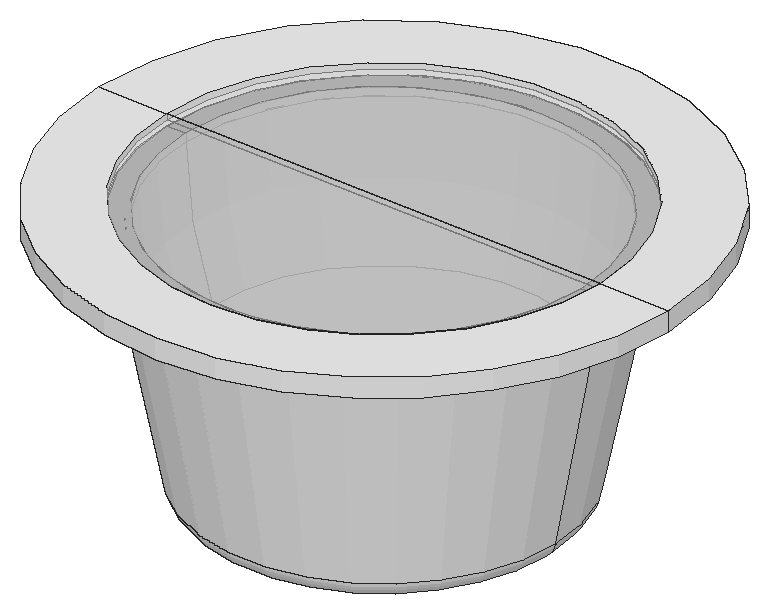
Revit family "2060562+2028034 Sylvania Lighting Fixture ASCENT 100 II ARCH 2700 3K DALI 160 with IP44 Clear Glass", category Lighting Fixtures, host Face, Revit 2016
Family settings
  Host = Face
  Part Type = Normal
  Round Connector Dimension = Use Diameter
  OmniClass Number = 23.80.70.11.17
  OmniClass Title = Specialized Lighting by Location or Use
  Cut with Voids When Loaded = No
  Light Source = Yes
  Shared = No
  Room Calculation Point = No
Parameters (values of type "2060562+2028034 ASCT100 II ARCH 2700 3K DALI 160 with IP44 Clear Glass")
  WidthBezelAcc_SYL = 25.0 mm
  Weight = "1.2 kg"
  Wattage = 21 W
  WarrantyStartDate [instance] = "n/a"
  WarrantyGuarantorParts = "n/a"
  WarrantyDurationUnit = "n/a"
  WarrantyDurationParts = "n/a"
  WarrantyDescription = "n/a"
  built-in parameter 1150110 = 1 (stored number, unit not read)
  Voltage = 0 V
  VisibilityAccessory_SYL = yes
  TypeName = "ASCENT 100 II ARCH 2700 3K DALI 160"
  built-in parameter 1114217 = 1 (stored number, unit not read)
  Tilt Angle = -90°
  built-in parameter 1150109 = 1 (stored number, unit not read)
  built-in parameter 1150134 = (empty or 0)
  built-in parameter 1150113 = 1 (stored number, unit not read)
  SerialNumber [instance] = "n/a"
  ReflectorRadius_SYL = Radius_SYL - 14.5 mm  # 80.0 mm
  RadiusAcc_SYL = 105.0 mm
  Radius_SYL = 94.5 mm
  URL = "http://www.sylvania-lighting.com"
  PowerFactor = 0
  PowerConsumption = "21 W"
  Photometric Web File = "2060562.ies"
  NominalWidth = 0.0 mm
  NominalLength = 0.0 mm
  NominalHeight = 94.0 mm
  Name = "ASCENT 100 II ARCH 2700 3K DALI 160"
  ModelReference = "ASCENT 100 II ARCH 2700 3K DALI 160"
  ModelNumber = "2060562+2028034"
  Material_4_SYL = none
  Material_3_SYL = Polycarbonate_Sylvania_Ascent_Clear
  Material_2_SYL = Aluminium_Sylvania_Ascent_Silver
  Material_1_SYL = Aluminum_Sylvania_Ascent_White
  Material = "aluminium housing, arcylic diffuser"
  ManufacturerName = "Feilo Sylvania"
  LuminousEfficacy = "126 lm/W"
  built-in parameter 1150105 = 210.56 (stored number, unit not read)
  Lumens = 2646 lm
  LuminaireType = ""
  built-in parameter 1150115 = 1 (stored number, unit not read)
  LightOutputRatio = "100"
  built-in parameter 1150137 = (empty or 0)
  built-in parameter 1150139 = (empty or 0)
  LampsType = Lamp  # "LED"
  LampNominalLuminous = "2649 lm"
  LampMacAdamStep = "3"
  LampColourTemperature = "3000 K"
  LampColourRenderingIndex = "80"
  built-in parameter 1150112 = 1 (stored number, unit not read)
  built-in parameter 1150114 = 1 (stored number, unit not read)
  Keynote = "16500"
  InstallationDate [instance] = "n/a"
  InputVoltage = "n/a"
  InputNominalFrequency = "n/a"
  built-in parameter 1150132 = (empty or 0)
  built-in parameter 1150102 = (empty or 0)
  built-in parameter 1150107 = 3000 (stored number, unit not read)
  built-in parameter 1150138 = (empty or 0)
  IngressProtection = "IP44"
  ImpactProtectionIndex = "IK02"
  built-in parameter 1150106 = 2.1056 (stored number, unit not read)
  IfcExportType = "IfcLightFixtureType"
  IfcExportAs = "IfcLightFixtureType"
  Height_SYL = 94.0 mm
  HeightAcc_SYL = 7.0 mm
  ExpectedLife = 50000
  EmittionSurface_SYL = if(VisibilityAccessory_SYL, 7.0 mm, 3.0 mm)  # 7.0 mm
  Emit from Circle Diameter = DiffuserRadius_SYL * 2  # 146.0 mm
  Emit Shape Visible in Rendering = no
  ElectricShockClassification = "Class II"
  built-in parameter 1150104 = 11.706 (stored number, unit not read)
  DurationUnit = "hours"
  DocumentationLiterature = "http://www.sylvania-lighting.com/product/en-int/products/2060562"
  DimmingControlOptions = "n/a"
  Dimming Lamp Color Temperature Shift = <None>
  DiffuserRadius_SYL = ReflectorRadius_SYL - 7.0 mm  # 73.0 mm
  Diameter_SYL = 2 * Radius_SYL  # 189.0 mm
  CutoutDiameter_SYL = Diameter_SYL - 13.0 mm  # 176.0 mm
  CreatedOn = "9/17/2018"
  CreatedBy = "@sylvania-lighting.com"
  Color Filter = 16777215
  built-in parameter 1114216 [instance] = 1 (stored number, unit not read)
  Model = "ASCENT 100 II ARCH 2700 3K DALI 160"
  Manufacturer = "Feilo Sylvania"
  Lamp = "LED"
  Description = "Direct LED retro fit for original LED 100 Arch (160) single CFL lamp offering Matching lumen levels and improved light distribution of original LED 100 CFL lamp equivalents Typically half the power consumption compared to CFL Up to 112lm/W 160mm aperture Architectural reflector accepts range of glass accessories from existing LED 100 Arch 160 offering HE, HO and VHO versions equivalent of single 1 x 18W, 1 x 32W, 1 x 42W\r\n Additional VVHO versions which offer the performance circa 2 x 32W equivalent"  # constant formula
  Default Elevation = 0.0 mm
  built-in parameter 1140040 [instance] = 1
  BarCode [instance] = "n/a"
  built-in parameter 1114218 = 1 (stored number, unit not read)
  built-in parameter 1150133 = 10 (stored number, unit not read)
  AssetType = "Fixed"
  AssetIdentifier [instance] = "n/a"
  Assembly Code = "D5020200"
  Apparent Load = 21 VA
  Aperture_SYL = 2 * ReflectorRadius_SYL  # 160.0 mm
Reference planes
  plane 1 "Center (Front/Back)": y = 0
  plane 2: z = 0
  plane 3 "Center (Left/Right)": x = 0
  plane 4 "Fixture Bottom": z = 3
  plane 5: z = -52.5
  plane 6 "Fixture Top": z = -91
  plane 7: x = -105
  plane 8: z = 7
  plane 9: x = -80
  plane 10: z = 5
  plane 11: x = -103
Forms (mm)
  Extrusion 1, solid, material "Aluminum_Sylvania_Ascent_White", detail levels fine
    sketch origin (0, 0, 0) x (1, 0, 0) y (0, 1, 0)
      loop
        circle (0, 0) r 94.5
      loop
        circle (0, 0) r 80
    from 0 to 3
  Extrusion 2, void
    sketch origin (0, 0, 0) x (1, 0, 0) y (0, 1, 0)
      loop
        circle (0, 0) r 88
    from -91 to 3
  Revolve 3, solid, material "Aluminum_Sylvania_Ascent_White" <- "Material_1_SYL", detail levels fine
    sketch origin (0, 0, 0) x (1, 0, 0) y (0, 0, 1)
      loop
        line (0, -91.073) -> (0, -89.023) -> (-55.468, -89.014)
        arc (-55.468, -89.014) -> (-59.352, -87.613) -> (-61.54, -84.139) r 6.307
        line (-61.54, -84.139) -> (-77.991, -2.844) -> (-77.991, 0) -> (-80, 0) -> (-80, -3) -> (-63.5, -84.536)
        arc (-63.5, -84.536) -> (-60.643, -89.203) -> (-55.5, -91.073) r 8.291
        line (-55.5, -91.073) -> (0, -91.073)
      axis (0, 0) -> (0, -91.073)
    angle from 0 to 360
  Revolve 4, solid, material "Aluminium_Sylvania_Ascent_Silver" <- "Material_2_SYL", detail levels fine
    sketch origin (0, 0, 0) x (1, 0, 0) y (0, 0, 1)
      loop
        line (-80, 3) -> (-80, 0) -> (-75, 0)
        arc (-75, 0) -> (-72.349, -26.77) -> (-64.5, -52.5) r 136.5
        line (-64.5, -52.5) -> (-58, -52.5)
        arc (-58, -52.5) -> (-56.857, -61.521) -> (-53.5, -69.971) r 36.166
        line (-53.5, -69.971) -> (0, -69.971) -> (0, -50.5) -> (-63.16, -50.5)
        arc (-63.16, -50.5) -> (-70.517, -25.725) -> (-73, 0) r 134.5
        line (-73, 0) -> (-73, 3) -> (-80, 3)
      axis (0, 3) -> (0, -69.971)
    angle from 0 to 360
  Extrusion 5, solid, material "Polycarbonate_Sylvania_Ascent_Clear" <- "Material_3_SYL", detail levels fine
    sketch origin (0, 0, 0) x (1, 0, 0) y (0, 1, 0)
      loop
        circle (0, 0) r 73
    from 0 to 3
  Revolve 6, solid, material "Aluminum_Sylvania_Ascent_White" <- "Material_1_SYL", detail levels coarse+medium
    sketch origin (0, 0, 0) x (1, 0, 0) y (0, 0, 1)
      loop
        line (0, -91.073) -> (0, 3) -> (-94.5, 3) -> (-94.5, 0) -> (-79.5, 0) -> (-79.5, -3) -> (-63, -84.536)
        arc (-63, -84.536) -> (-60.143, -89.203) -> (-55, -91.073) r 8.291
        line (-55, -91.073) -> (0, -91.073)
      axis (0, 3) -> (0, -91.073)
    angle from 0 to 360
  Revolve 7, solid, material "Aluminum_Sylvania_Ascent_White" <- "Material_1_SYL", visible <- "VisibilityAccessory_SYL"
    sketch origin (0, 0, 0) x (1, 0, 0) y (0, 0, 1)
      loop
        line (-105, 0) -> (-103, 0) -> (-103, 5) -> (-80, 5) -> (-80, 7) -> (-105, 7) -> (-105, 0)
      axis (0, 7) -> (0, 0)
    angle from 0 to 360
  Revolve 8, solid, material "Polycarbonate_Sylvania_Ascent_Clear" <- "Material_3_SYL", visible <- "VisibilityAccessory_SYL"
    sketch origin (0, 0, 0) x (1, 0, 0) y (0, 0, 1)
      loop
        line (-80, 7) -> (-80, 5) -> (0, 5) -> (0, 7) -> (-80, 7)
      axis (0, 7) -> (0, 5)
    angle from 0 to 360
Lines and regions (mm)
  reference lines
    curve 1: line (-150, 0, 7) -> (125, 0, 7)
Dimensions and locks
  locked: plane 4 "Fixture Bottom" to plane 2 at 3
  "Height_SYL": plane 4 "Fixture Bottom" to plane 6 "Fixture Top"
  "ReflectorRadius_SYL": plane 3 "Center (Left/Right)" to Revolve 4 sketch curve
  locked: Revolve 4 sketch curve to Revolve 4 sketch curve at 15.5
  locked: Revolve 4 sketch curve to Revolve 4 sketch curve at 5
  locked: Revolve 4 sketch curve to Revolve 4 sketch curve at 7
  locked: Revolve 4 sketch curve to Revolve 4 sketch curve at 22
  locked: Revolve 4 sketch curve to Revolve 4 sketch curve at 26.5
  locked: Revolve 3 sketch curve to Revolve 3 sketch curve at 16.5
  locked: Revolve 3 sketch curve to Revolve 3 sketch curve at 24.5
  "ReflectorRadius_SYL": Revolve 3 sketch curve to plane 3 "Center (Left/Right)"
  locked: Revolve 3 sketch curve to plane 6 "Fixture Top" at 6.464
  locked: plane 2 to Revolve 3 sketch curve at 3
  locked: Revolve 3 sketch curve to Revolve 3 sketch curve at 2
  locked: Revolve 3 sketch curve to Revolve 3 sketch curve at 2.009
  locked: plane 2 to plane 5 at 52.5
  locked: Revolve 6 sketch curve to Revolve 6 sketch curve at 31.5
  locked: Revolve 6 sketch curve to Revolve 6 sketch curve at 39.5
  locked: Revolve 6 sketch curve to Revolve 6 sketch curve at 15
  "Radius_SYL": plane 3 "Center (Left/Right)" to Revolve 6 sketch curve
  "RadiusAcc_SYL": plane 3 "Center (Left/Right)" to plane 7
  "HeightAcc_SYL": plane 8 to level
  "WidthBezelAcc_SYL": plane 7 to plane 9
  locked: plane 7 to plane 11 at 2
  locked: plane 8 to plane 10 at 2
  "EmittionSurface_SYL": curve 1 to level
  "CutoutDiameter_SYL": diameter of Extrusion 2 sketch curve
  "ReflectorRadius_SYL": radius of Extrusion 1 sketch curve
  "DiffuserRadius_SYL": radius of Extrusion 5 sketch curve
  "Radius_SYL": radius of Extrusion 1 sketch curve
  aligned and locked: host face to plane 2
  aligned and locked: host face to level
  aligned and locked: plane 4 "Fixture Bottom" to Extrusion 1
  aligned and locked: Extrusion 1 to plane 2
  aligned and locked: Revolve 3 sketch curve to plane 3 "Center (Left/Right)"
  aligned and locked: Revolve 4 sketch curve to plane 3 "Center (Left/Right)"  (x2)
  aligned and locked: plane 4 "Fixture Bottom" to Revolve 4 sketch curve
  aligned and locked: Extrusion 5 to plane 2
  aligned and locked: plane 2 to Revolve 3 sketch curve  (x2)
  aligned and locked: Revolve 6 sketch curve to plane 3 "Center (Left/Right)"
  aligned and locked: plane 6 "Fixture Top" to Extrusion 2
  aligned and locked: Revolve 7 sketch curve to plane 3 "Center (Left/Right)"
  aligned and locked: host face to Revolve 7 sketch curve  (x2)
  aligned and locked: Revolve 7 sketch curve to plane 7
  aligned and locked: plane 8 to Revolve 7 sketch curve
  aligned and locked: plane 9 to Revolve 7 sketch curve
  aligned and locked: Revolve 7 sketch curve to plane 10
  aligned and locked: plane 11 to Revolve 7 sketch curve
  aligned and locked: Revolve 7 to Revolve 8 sketch curve
  aligned and locked: Revolve 8 sketch curve to Revolve 7  (x2)
  aligned and locked: Revolve 8 sketch curve to plane 3 "Center (Left/Right)"  (x2)
  aligned and locked: plane 3 "Center (Left/Right)" to imposter light
  aligned and locked: imposter light to plane 1 "Center (Front/Back)"
  aligned and locked: imposter light to curve 1
Automatic sketch dimensions
  plane 1 "Center (Front/Back)" to Extrusion 2 sketch curve = 0.0 mm
  Extrusion 2 sketch curve to plane 3 "Center (Left/Right)" = 0.0 mm
  Extrusion 1 sketch curve to Extrusion 1 sketch curve = 0.0 mm  (x2)
  plane 1 "Center (Front/Back)" to Extrusion 1 sketch curve = 0.0 mm
  Extrusion 1 sketch curve to plane 3 "Center (Left/Right)" = 0.0 mm
  plane 6 "Fixture Top" to Revolve 3 sketch curve = 0.073 mm
  Revolve 3 sketch curve to plane 6 "Fixture Top" = 6.861 mm
  Revolve 3 sketch curve to Revolve 3 sketch curve = 0.003 mm
  Revolve 3 sketch curve to Revolve 3 sketch curve = 0.009 mm  (x2)
  Revolve 3 sketch curve to Revolve 3 sketch curve = 0.023 mm
  Revolve 3 sketch curve to Revolve 3 sketch curve = 0.072 mm
  Revolve 3 sketch curve to Revolve 3 sketch curve = 0.008 mm
  Revolve 3 sketch curve to plane 6 "Fixture Top" = 1.977 mm
  Revolve 3 sketch curve to Revolve 3 sketch curve = 33.496 mm
  Revolve 3 sketch curve to Revolve 3 sketch curve = 0.028 mm
  plane 4 "Fixture Bottom" to Revolve 3 sketch curve = 82.431 mm
  Revolve 4 sketch curve to Revolve 4 sketch curve = 0.0 mm  (x2)
  Revolve 4 sketch curve to plane 5 = 0.0 mm
  Revolve 4 sketch curve to level = 0.0 mm
  plane 5 to Revolve 4 sketch curve = 2.0 mm
  plane 4 "Fixture Bottom" to Revolve 4 sketch curve = 9.642 mm
  plane 1 "Center (Front/Back)" to Extrusion 5 sketch curve = 0.0 mm
  Extrusion 5 sketch curve to plane 3 "Center (Left/Right)" = 0.0 mm
  Revolve 4 sketch curve to level = 69.971 mm
  Revolve 4 sketch curve to Revolve 4 sketch curve = 2.387 mm
  Revolve 6 sketch curve to level = 0.0 mm
  Revolve 6 sketch curve to plane 3 "Center (Left/Right)" = 0.0 mm
  Revolve 6 sketch curve to Revolve 6 sketch curve = 8.104 mm
  Revolve 6 sketch curve to level = 3.0 mm
  Revolve 6 sketch curve to plane 6 "Fixture Top" = 6.464 mm
  plane 6 "Fixture Top" to Revolve 6 sketch curve = 0.073 mm
  Revolve 6 sketch curve to Revolve 6 sketch curve = 33.496 mm
  plane 4 "Fixture Bottom" to Revolve 6 sketch curve = 82.431 mm
  host sketch curve to host sketch curve = 1704.996 mm
  host sketch curve to host sketch curve = 1500.0 mm
  plane 6 "Fixture Top" to Revolve 7 sketch curve = 281.274 mm
  Revolve 7 sketch curve to plane 8 = 1140.706 mm
  plane 6 "Fixture Top" to Revolve 8 sketch curve = 281.274 mm
  Revolve 8 sketch curve to Revolve 8 sketch curve = 1140.706 mm
  Revolve 3 sketch curve to plane 3 "Center (Left/Right)" = 0.0 mm
  Revolve 6 sketch curve to plane 4 "Fixture Bottom" = 0.0 mm
  plane 7 to curve 1 = 45.0 mm
  plane 3 "Center (Left/Right)" to curve 1 = 125.0 mm
Connectors
  electrical at (0, 0, -91.073), driven by "Apparent Load"
    settings: on Revolve 3, index 1, voltage 240 V, apparent load 0 VA, apparent load phase1 21 VA, apparent load phase2 0 VA, apparent load phase3 0 VA, power factor 1, load classification "Lighting", number of poles 1, system type 31, power factor state 1, is connector primary yes, connector utility no, sub classification motor no, connector description ""
